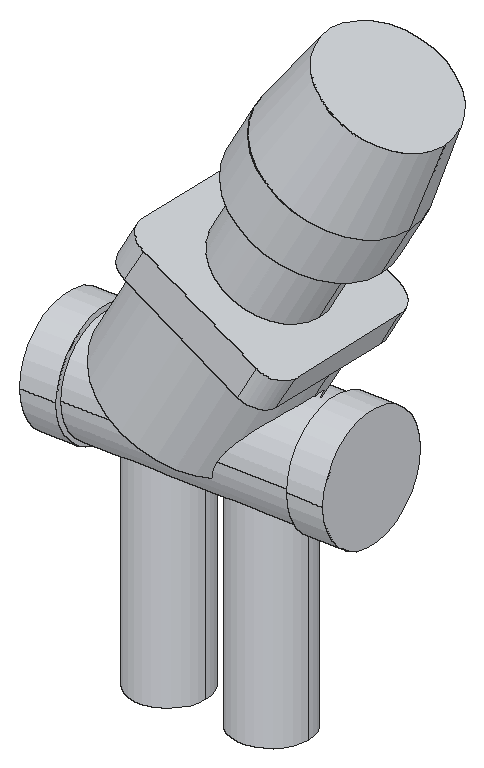
Revit family "OPTIMA_Compact_Plus_MM_DN15_5,0_RFA_2018", category Pipe Accessories, Revit 2018
Family settings
  Round Connector Dimension = Use Diameter
  Part Type = Valve - Breaks Into
  Work Plane-Based = No
  Always vertical = Yes
  Cut with Voids When Loaded = No
  Shared = No
Parameters (values of type "OPTIMA Compact Plus DN15 M-M 5.0mm")
  magiProductId = "cc68fe6008154c3392e26a3dfeb2d1"
  magiProductFamilyId = "3f7bf62c6d3e4202b9bf465282540d"
  magiPartTypeId = 304
  isMeasuringValve [instance] = no
  ang2D [instance] = 0.00°
  Z = 0 mm
  X = 7 mm
  W2D = 32 mm
  VersionID = "2.0/2018.8.28.1/FRESE_OPTIMA-COMPACT-MM_001"
  Use Minimum Symbol Size [instance] = yes
  URL = "www.hydronix.cz"
  Type Comments = "vnější závit; PN25; 0~120°C, s měřením"
  R9 = 8 mm
  R8 = 14 mm
  R7 = 17 mm
  R6 = 12 mm
  R5 = 5 mm
  R4 = 19 mm
  R3 = 19 mm
  R2 = 12 mm
  R1 = 13 mm
  QmdConnectorList = "301;D;302;D"
  Productdata [instance] = ""
  PLG0 = yes
  Manufacturer = "Hydronix"
  MC Product Code = "53-1325  (3/4\" M-M; 5.0mm; Qmin-dpmin 220l/h-16.0kPa; Qmax-dpmin 1330l/h-21.6kPa; dpmax 800kPa)"
  MC Piping Given Pressure Drop [instance] = 0.0 Pa
  LL = 32.5 mm
  L3 = 11 mm
  L2D_Min = 3048 mm
  L2D = 104 mm
  L2 = 49.4 mm
  L1__ve = -L1  # -7.8 mm
  L1 = 7.8 mm
  H6__ve = -H6  # -55 mm
  H6 = 55 mm
  H5 = 20 mm
  H4 = 12 mm
  H3 = 18 mm
  H2 = 8 mm
  H1 = 26 mm
  Description = "Tlakově nezávislý 2-cestný regulační vyvažovací ventil (PICV)"
  D = 15 mm
  A = 30.00°
Types (8, lengths in mm): name | magiProductId | Z | X | R4 | R3 | R2 | R1 | MC Product Code | LL | L3 | L2 | L1__ve | L1 | H6__ve | H6 | H5 | H3 | H2 | H1 | D
  OPTIMA Compact Plus DN32 M-M 5.5mm | "ffa5e363716249e69711c5a01860df" | 1 | 13 | 29 | 31.5 | 22 | 24 | "53-1333  (6/4\" M-M; 5.5mm; Qmin-dpmin 550l/h-17.9kPa; Qmax-dpmin 4001l/h-28.0kPa; dpmax 800kPa)" | 52 | 12.5 | 79.04 | -12.48 | 12.48 | -66 | 66 | 20 | 16 | 10 | 46 | 32
  OPTIMA Compact Plus DN15 M-M 2.5mm | "744f5c1a8b784a0caf7e95e8856504" | 0 | 7 | 19 | 19 | 12 | 13 | "53-1324  (3/4\" M-M; 2.5mm; Qmin-dpmin 100l/h-14.9kPa; Qmax-dpmin 575l/h-18.5kPa; dpmax 800kPa)" | 32.5 | 11 | 49.4 | -7.8 | 7.8 | -55 | 55 | 20 | 18 | 8 | 26 | 15
  OPTIMA Compact Plus DN15 M-M 5.0mm | "cc68fe6008154c3392e26a3dfeb2d1" | 0 | 7 | 19 | 19 | 12 | 13 | "53-1325  (3/4\" M-M; 5.0mm; Qmin-dpmin 220l/h-16.0kPa; Qmax-dpmin 1330l/h-21.6kPa; dpmax 800kPa)" | 32.5 | 11 | 49.4 | -7.8 | 7.8 | -55 | 55 | 20 | 18 | 8 | 26 | 15
  OPTIMA Compact Plus DN20 M-M 5.0mm | "af4b706c92c34122b2cf0a056ee45d" | 0 | 10 | 19 | 19 | 13.5 | 16.5 | "53-1328  (1\" M-M; 5.0mm; Qmin-dpmin 220l/h-16.0kPa; Qmax-dpmin 1330l/h-21.6kPa; dpmax 800kPa)" | 35 | 11 | 53.2 | -8.4 | 8.4 | -58.5 | 58.5 | 20 | 18 | 8 | 26 | 20
  OPTIMA Compact Plus DN20 M-M 5.5mm | "3e0f5dc7d8ae4d97894bd6f679fd3a" | 0 | 10 | 19 | 19 | 13.5 | 16.5 | "53-1331  (1\" M-M; 5.5mm; Qmin-dpmin 300l/h-17.8kPa; Qmax-dpmin 1800l/h-40.0kPa; dpmax 800kPa)" | 35 | 11 | 53.2 | -8.4 | 8.4 | -58.5 | 58.5 | 20 | 18 | 8 | 26 | 20
  OPTIMA Compact Plus DN25 M-M 5.5mm | "30c02b6104a34c7a9c49bd2b7417bc" | 0 | 13 | 29 | 31.5 | 18.5 | 21 | "53-1332  (5/4\" M-M; 5.5mm; Qmin-dpmin 600l/h-17.3kPa; Qmax-dpmin 3609l/h-23.0kPa; dpmax 800kPa)" | 52 | 12.5 | 79.04 | -12.48 | 12.48 | -63 | 63 | 20 | 16 | 10 | 43 | 25
  OPTIMA Compact Plus DN10 M-M 2.5mm | "273b30465bdd4e038d4ed21de5046f" | 0 | 7 | 19 | 19 | 9 | 10.5 | "53-1320  (1/2\" M-M; 2.5mm; Qmin-dpmin 30l/h-14.3kPa; Qmax-dpmin 200l/h-15.8kPa; dpmax 800kPa)" | 32.5 | 11 | 49.4 | -7.8 | 7.8 | -52.5 | 52.5 | 17 | 18 | 8 | 30 | 10
  OPTIMA Compact Plus DN10 M-M 5.0mm | "05e83065d4b14c0ea9b5a56fcd5d4f" | 0 | 7 | 19 | 19 | 9 | 10.5 | "53-1329  (1/2\" M-M; 5.0mm; Qmin-dpmin 65l/h-14.6kPa; Qmax-dpmin 370l/h-17.2kPa; dpmax 800kPa)" | 32.5 | 11 | 49.4 | -7.8 | 7.8 | -52.5 | 52.5 | 17 | 18 | 8 | 30 | 10
Reference planes
  plane 1 "Center (Front/Back)": y = 0
  plane 2 "XYPLANE": z = 0
  plane 3 "Center (Left/Right)": x = 0
  plane 4 "267": x = 11
  plane 5 "266": x = -11
  plane 6 "252": through (-607.519, 0, 447.746) normal (0.5, 0, 0.866)
  plane 7 "250": through (-617.519, 0, 430.426) normal (0.5, 0, 0.866)
  plane 8 "248": through (-623.519, 0, 420.033) normal (0.5, 0, 0.866)
  plane 9 "245": through (-632.519, 0, 404.445) normal (0.5, 0, 0.866)
  plane 10 "241": through (352.483, 0, 662.519) normal (0.866, 0, -0.5)
  plane 11 "240": through (385.392, 0, 643.519) normal (0.866, 0, -0.5)
  plane 12 "239": y = -19
  plane 13 "238": y = 19
  plane 14 "237": through (-636.519, 0, 397.517) normal (0.5, 0, 0.866)
  plane 15 "235": through (-649.519, 0, 375) normal (0.5, 0, 0.866)
  plane 16 "231": y = 0
  plane 17 "230": through (368.938, 0, 653.019) normal (0.866, 0, -0.5)
  plane 18 "211": x = -24.7
  plane 19 "204": x = 32.5
  plane 20 "203": x = -32.5
  plane 21 "202": x = 0
  plane 22 "201": z = 0
  plane 23 "200": y = 0
  plane 24 "227XY": through (-649.519, 0, 375) normal (0.5, 0, 0.866)
  plane 25 "227XZ": y = 0
  plane 26 "227YZ": through (375, 0, 649.519) normal (0.866, 0, -0.5)
Forms (mm)
  Extrusion 1, solid, visible <- "PLG0"
    sketch origin (-750, 0, 0) x (1, 0, 0) y (0, 1, 0)
      loop
        circle (761, 0) r 8
    from 0 to -55 <- "H6__ve"
  Extrusion 2, solid, visible <- "PLG0"
    sketch origin (-750, 0, 0) x (1, 0, 0) y (0, 1, 0)
      loop
        circle (739, 0) r 8
    from 0 to -55 <- "H6__ve"
  Blend 3, solid
    base sketch origin (-617.519, 0, 430.426) x (0.866025, 0, -0.5) y (0, 1, 0)
      loop
        circle (743, 0) r 17
    top sketch origin (-617.519, 0, 430.426) x (0.866025, 0, -0.5) y (0, 1, 0)
      loop
        circle (743, 0) r 14
    from 0 to 20
  Extrusion 4, solid
    sketch origin (-623.519, 0, 420.033) x (0.866025, 0, -0.5) y (0, 1, 0)
      loop
        circle (743, 0) r 17
    from 0 to 12 <- "H4"
  Extrusion 5, solid
    sketch origin (-632.519, 0, 404.445) x (0.866025, 0, -0.5) y (0, 1, 0)
      loop
        circle (743, 0) r 12
    from 0 to 18 <- "H3"
  Extrusion 6, solid
    sketch origin (-636.519, 0, 397.517) x (0.866025, 0, -0.5) y (0, 1, 0)
      loop
        arc (729, 19) -> (725.464, 17.536) -> (724, 14) r 5
        line (724, 14) -> (724, -14)
        arc (724, -14) -> (725.464, -17.536) -> (729, -19) r 5
        line (729, -19) -> (757, -19)
        arc (757, -19) -> (760.536, -17.536) -> (762, -14) r 5
        line (762, -14) -> (762, 14)
        arc (762, 14) -> (760.536, 17.536) -> (757, 19) r 5
        line (757, 19) -> (729, 19)
    from 0 to 8 <- "H2"
  Extrusion 7, solid
    sketch origin (-649.519, 0, 375) x (0.866025, 0, -0.5) y (0, 1, 0)
      loop
        circle (743, 0) r 19
    from 0 to 26 <- "H1"
  Extrusion 8, solid
    sketch origin (-24.7, -750, 0) x (0, 1, 0) y (0, 0, 1)
      loop
        circle (750, 0) r 12
    from 0 to 49.4 <- "L2"
  Extrusion 9, solid
    sketch origin (32.5, -750, 0) x (0, 1, 0) y (0, 0, 1)
      loop
        circle (750, 0) r 13
    from 0 to -7.8 <- "L1__ve"
  Extrusion 10, solid
    sketch origin (-32.5, -750, 0) x (0, 1, 0) y (0, 0, 1)
      loop
        circle (750, 0) r 13
    from 0 to 7.8 <- "L1"
  Extrusion 11, solid, not visible
    sketch origin (32.5, -750, 0) x (0, 1, 0) y (0, 0, 1)
      loop
        circle (750, 0) r 10
    from 0 to -10
  Extrusion 12, solid, not visible
    sketch origin (-32.5, -750, 0) x (0, 1, 0) y (0, 0, 1)
      loop
        circle (750, 0) r 10
    from 0 to 10
Lines and regions (mm)
  reference lines, not visible
    curve 1: circle (2, 2, 0) r 1 normal (0, 0, 1)
Text (mm)
  text "© Progman Oy, all rights reserved" at (-472.209, -2482.653, 0), in view "Ref. Level"
Dimensions and locks
  plane 1 "Center (Front/Back)" to curve 1 = 2 mm
  "L3": plane 3 "Center (Left/Right)" to plane 4 "267"
  "L3": plane 3 "Center (Left/Right)" to plane 5 "266"
  "H5": plane 7 "250" to plane 6 "252"
  "H4": plane 8 "248" to plane 7 "250"
  "H3": plane 9 "245" to plane 8 "248"
  "H2": plane 14 "237" to plane 9 "245"
  "R4": plane 17 "230" to plane 10 "241"
  "R4": plane 17 "230" to plane 11 "240"
  "R4": plane 23 "200" to plane 12 "239"
  "R4": plane 23 "200" to plane 13 "238"
  "H1": plane 15 "235" to plane 14 "237"
  "Z": plane 24 "227XY" to plane 15 "235"
  locked: plane 23 "200" to plane 16 "231"
  "X": plane 26 "227YZ" to plane 17 "230"
  "L1": plane 20 "203" to plane 18 "211"
  "LL": plane 3 "Center (Left/Right)" to plane 19 "204"
  "LL": plane 3 "Center (Left/Right)" to plane 20 "203"
  locked: plane 3 "Center (Left/Right)" to plane 21 "202"
  locked: plane 2 "XYPLANE" to plane 22 "201"
  locked: plane 1 "Center (Front/Back)" to plane 23 "200"
  Extrusion 6 sketch curve to Extrusion 6 sketch curve = 0 mm  (x16)
  "R9": radius of Extrusion 1 sketch curve
  "R9": radius of Extrusion 2 sketch curve
  "R8": radius of Blend 3 sketch curve
  "R7": radius of Blend 3 sketch curve
  "R7": radius of Extrusion 4 sketch curve
  "R6": radius of Extrusion 5 sketch curve
  "R5": radius of Extrusion 6 sketch curve  (x4)
  "R3": radius of Extrusion 7 sketch curve
  "R2": radius of Extrusion 8 sketch curve
  "R1": radius of Extrusion 9 sketch curve
  "R1": radius of Extrusion 10 sketch curve
  aligned and locked: level to plane 2 "XYPLANE"
  aligned and locked: plane 4 "267" to Extrusion 1 sketch curve
  aligned and locked: plane 23 "200" to Extrusion 1 sketch curve
  aligned and locked: plane 5 "266" to Extrusion 2 sketch curve
  aligned and locked: plane 23 "200" to Extrusion 2 sketch curve
  aligned and locked: plane 16 "231" to Blend 3 sketch curve  (x2)
  aligned and locked: Blend 3 sketch curve to plane 17 "230"  (x2)
  aligned and locked: plane 6 "252" to Blend 3
  aligned and locked: plane 16 "231" to Extrusion 4 sketch curve
  aligned and locked: Extrusion 4 sketch curve to plane 17 "230"
  aligned and locked: plane 16 "231" to Extrusion 5 sketch curve
  aligned and locked: Extrusion 5 sketch curve to plane 17 "230"
  aligned and locked: Extrusion 6 sketch curve to plane 10 "241"
  aligned and locked: Extrusion 6 sketch curve to plane 12 "239"
  aligned and locked: Extrusion 6 sketch curve to plane 11 "240"
  aligned and locked: plane 13 "238" to Extrusion 6 sketch curve
  aligned and locked: plane 16 "231" to Extrusion 7 sketch curve
  aligned and locked: Extrusion 7 sketch curve to plane 17 "230"
  aligned and locked: plane 22 "201" to Extrusion 8 sketch curve
  aligned and locked: Extrusion 8 sketch curve to plane 23 "200"
  aligned and locked: plane 22 "201" to Extrusion 9 sketch curve
  aligned and locked: Extrusion 9 sketch curve to plane 23 "200"
  aligned and locked: plane 22 "201" to Extrusion 10 sketch curve
  aligned and locked: Extrusion 10 sketch curve to plane 23 "200"
  aligned and locked: plane 22 "201" to Extrusion 11 sketch curve
  aligned and locked: Extrusion 11 sketch curve to plane 23 "200"
  aligned and locked: plane 22 "201" to Extrusion 12 sketch curve
  aligned and locked: Extrusion 12 sketch curve to plane 23 "200"
Automatic sketch dimensions
  plane 1 "Center (Front/Back)" to Extrusion 11 sketch curve = 10 mm
  plane 1 "Center (Front/Back)" to Extrusion 12 sketch curve = 10 mm
  plane 3 "Center (Left/Right)" to curve 1 = 2 mm
  radius of curve 1 = 1 mm
Connectors
  piping at (-32.5, 0, 0), diameter 15, driven by "D"
    settings: on Extrusion 12, index 1, connector inside diameter 609.6 mm, connector length 0 mm, flow factor 0, pipe flow 0.0 L/s, pressure drop 0.0 Pa, fitting loss kfactor 0, connector angle 0.00°, fixture units 0, engagement length 0 mm, angle of deflection 0.00°, flow configuration 0, flow direction 0, fitting loss method 0, system type 29, joint type 0, gender type 0, connector reference index 2, connector utility 0, adjustable connector no, is connector primary yes, connector description ""
  piping at (32.5, 0, 0), diameter 15, driven by "D"
    settings: on Extrusion 11, index 2, connector inside diameter 609.6 mm, connector length 0 mm, flow factor 0, pipe flow 0.0 L/s, pressure drop 0.0 Pa, fitting loss kfactor 0, connector angle 0.00°, fixture units 0, engagement length 0 mm, angle of deflection 0.00°, flow configuration 0, flow direction 0, fitting loss method 0, system type 29, joint type 0, gender type 0, connector reference index 1, connector utility 0, adjustable connector no, is connector primary no, connector description ""
